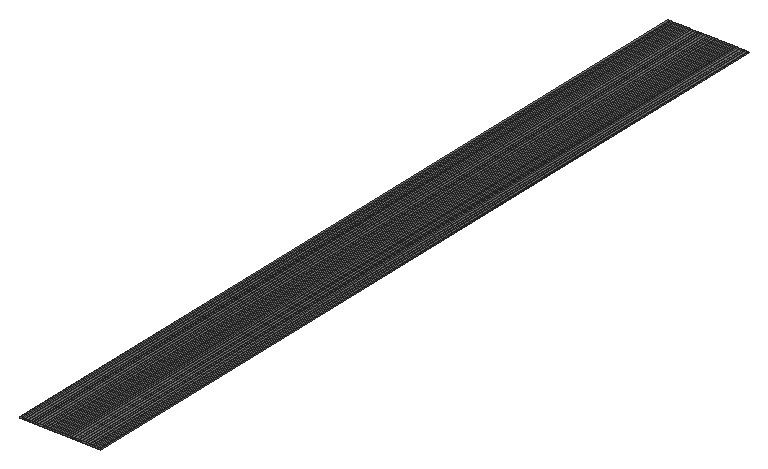
Revit family "111213072058710", category Modelos genéricos, Revit 2018
Family settings
  Puede alojar armadura = No
  Cota de conector redondo = Diámetro de uso
  Tipo de pieza = Normal
  Se basa en plano de trabajo = No
  Siempre vertical = No
  Corte con vacíos al cargar = No
  Compartido = No
  Punto de cálculo de habitación = No
Parameters (values of type "DESCANSO TITAN PVC 300MM GRIS OSCURO TIRA 3.0MT")
  Ventajas = "Autoextinguible"
  Uso = "Es un producto que se instala en los descansos de las escaleras, es una solución\r\nfabricada en PVC, ideal para zonas de medio y alto trafico, con estrías antideslizantes.\r\nIdeal para: Edificios Públicos y Privados, Colegios, Universidades, Centros comerciales,\r\nAeropuertos, Hoteles, Edificios Habitacionales, entre otros."
  Unidad = "Tiras de 1.20 Mts y 3.00 Mts."
  URL = "https://www.empresascnp.cl/"
  Num SKUs = "111213072058710"
  Nombre SKU = "DESCANSO TITAN PVC 300MM GRIS OSCURO TIRA 3.0MT"
  Modelo = "DESCANSO TITAN PVC 300MM"
  Material = PVC flexible gris oscuro
  Url Ficha tecnica = "https://empresascnp.cl/wp-content/uploads//pdf/ficha-tecnica-descanso-titan-pvc-300mm-amarillo-tira-1-2mt.pdf"
  Largo = 3000.00 mm
  Espesor = 4.00 mm
  Empresa = "CNP SPA."
  Dureza = "80 shore A"
  Dimension = 300.00 mm
  Descripción = "Descanso escalera Titan 30x3.00"
  Contacto = "info@empresascnp.cl"
  Color = "Gris oscuro"
  Aplicacion = "Escaleras"
  Alto = 4.00 mm
Reference planes
  plane 1 "Center F/B": y = 0
  plane 2: z = 0
  plane 3 "Center L/R": x = 0
  plane 4: z = -4
  plane 5 "2": y = 1500
  plane 6 "3": y = -1500
  plane 7: x = 300
  plane 8: z = -2
  plane 9 "4": x = 2
Forms (mm)
  Extrusion 1, solid, material "PVC flexible gris oscuro" <- "Material"
    sketch origin (0, 0, 0) x (1, 0, 0) y (0, 0, 1)
      loop
        line (300, 46) -> (298, 46) -> (298, 48) -> (292, 48) -> (292, 46) -> (288, 46) -> (288, 48) -> (282, 48) -> (282, 46) -> (278, 46) -> (278, 48) -> (272, 48) -> (272, 46) -> (268, 46) -> (268, 48) -> (262, 48) -> (262, 46) -> (258, 46) -> (258, 48) -> (252, 48) -> (252, 46) -> (248, 46) -> (248, 48) -> (242, 48) -> (242, 46) -> (238, 46) -> (238, 48) -> (232, 48) -> (232, 46) -> (228, 46) -> (228, 48) -> (222, 48) -> (222, 46) -> (218, 46) -> (218, 48) -> (212, 48) -> (212, 46) -> (208, 46) -> (208, 48) -> (202, 48) -> (202, 46) -> (198, 46) -> (198, 48) -> (192, 48) -> (192, 46) -> (188, 46) -> (188, 48) -> (182, 48) -> (182, 46) -> (178, 46) -> (178, 48) -> (172, 48) -> (172, 46) -> (168, 46) -> (168, 48) -> (162, 48) -> (162, 46) -> (158, 46) -> (158, 48) -> (152, 48) -> (152, 46) -> (148, 46) -> (148, 48) -> (142, 48) -> (142, 46) -> (138, 46) -> (138, 48) -> (132, 48) -> (132, 46) -> (128, 46) -> (128, 48) -> (122, 48) -> (122, 46) -> (118, 46) -> (118, 48) -> (112, 48) -> (112, 46) -> (108, 46) -> (108, 48) -> (102, 48) -> (102, 46) -> (98, 46) -> (98, 48) -> (92, 48) -> (92, 46) -> (88, 46) -> (88, 48) -> (82, 48) -> (82, 46) -> (78, 46) -> (78, 48) -> (72, 48) -> (72, 46) -> (68, 46) -> (68, 48) -> (62, 48) -> (62, 46) -> (58, 46) -> (58, 48) -> (52, 48) -> (52, 46) -> (48, 46) -> (48, 48) -> (42, 48) -> (42, 46) -> (38, 46) -> (38, 48) -> (32, 48) -> (32, 46) -> (28, 46) -> (28, 48) -> (22, 48) -> (22, 46) -> (18, 46) -> (18, 48) -> (12, 48) -> (12, 46) -> (8, 46) -> (8, 48) -> (2, 48) -> (2, 46) -> (0, 46) -> (0, 44) -> (300, 44) -> (300, 46)
    from -1500 to 1500
Dimensions and locks
  "Alto": level to plane 4
  equal spacing: plane 6 "3", plane 1 "Center F/B", plane 5 "2"
  "Largo": plane 6 "3" to plane 5 "2"
  "Dimension": plane 7 to plane 3 "Center L/R"
  aligned and locked: plane 6 "3" to Extrusion 1
  aligned and locked: Extrusion 1 to plane 5 "2"
Automatic sketch dimensions
  Extrusion 1 sketch curve to plane 4 = 48.00 mm
  Extrusion 1 sketch curve to plane 9 "4" = 2.00 mm
  Extrusion 1 sketch curve to Extrusion 1 sketch curve = 2.00 mm  (x34)
  Extrusion 1 sketch curve to Extrusion 1 sketch curve = 6.00 mm  (x29)
  Extrusion 1 sketch curve to Extrusion 1 sketch curve = 4.00 mm  (x28)
  Extrusion 1 sketch curve to plane 7 = 118.00 mm
  Extrusion 1 sketch curve to plane 7 = 112.00 mm
  Extrusion 1 sketch curve to plane 4 = 50.00 mm  (x29)
